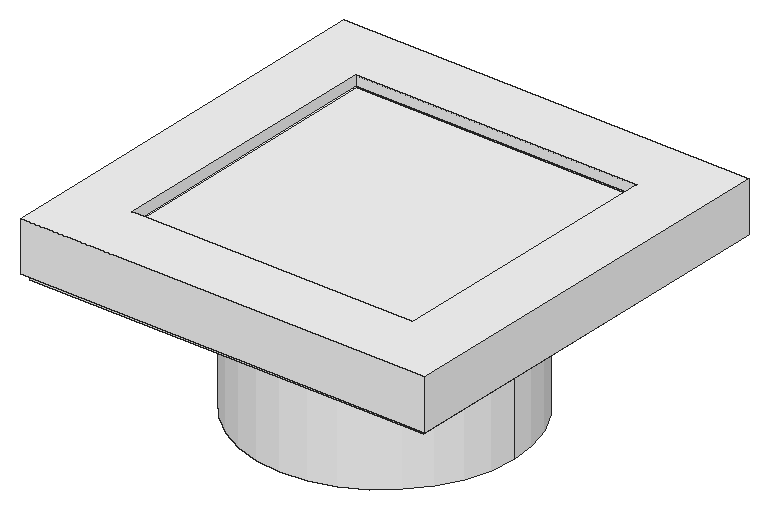
Revit family "Gira_013627", category Electrical Fixtures, host Face, Revit 2017
Family settings
  Host = Face
  Maintain Annotation Orientation = Yes
  Round Connector Dimension = Use Diameter
  Part Type = Normal
  Cut with Voids When Loaded = No
  Shared = No
  Room Calculation Point = No
Parameters (values of type "Tast-Kontroll AusWe System 55 Reinweiß m")
  Zusammenstellung = "Basiselement mit zentraler Abdeckplatte"
  White [instance] = White
  Werkstoffgüte = "sonstige"
  Werkstoff = "sonstige"
  Waschmaschinenschalter = "No"
  URL = "http://katalog.gira.de/de_DE/datenblatt.html?artikelnr=013627"
  Textfeld/Beschriftungsfläche = "nein"
  Tastschalter = "Yes"
  Schaltungsart = "Wechselschalter"
  Rückmeldekontakt = "No"
  Region = "DE"
  RAL-Nummer (ähnlich) = "9010 "
  Oberfläche = "sonstige"
  Nennspannung = "250 Volt"
  Name = "Tast-Kontroll AusWe System 55 Reinweiß m"
  Montageart = "unter Putz"
  Model = "Sys55_Komplettgerät_Schalten und Tasten"
  Mit Montageplatte = "No"
  Manufacturer URL = "https://www.gira.de/"
  HeinzeBIM = "https://bimportal.heinze.de/bim/tast-kontroll-auswe-system-55-reinweiss-m/93fe83543affab48b917b7a3ae15be2c584b433a"
  Halogenfrei = "Yes"
  HAN = "013627"
  Geeignet für Schutzart (IP) = "IP20"
  GTIN = "4010337136279"
  Farbe = "weiß"
  Default Elevation = 1219.2 mm
  Data sheet (1) = "https://katalog.gira.de/de_DE/download.html?artikelnr=013627"
  Category = "Installationsschalter"
  Bemessungsstrom = "10 Ampere"
  Beleuchtungsfunktion = "beleuchtet wenn eingeschaltet"
  Beleuchtungsart = "Glimmlampe"
  Beleuchtung = "ja"
  Befestigungsart = "Krallen-/Schraubbefestigung"
  Bedienungsart = "Wippe/Taste"
  Available = "Yes"
  Ausführung der Oberfläche = "matt"
  Anzahl der Module (bei Modulbauweise) = "1 "
  Anzahl der Betätigungswippen = "1 "
  Anschlussart = "Steckklemme"
Reference planes
  plane 1 "Center (Front/Back)": y = 0
  plane 2: z = 0
  plane 3 "Center (Left/Right)": x = 0
Forms (mm)
  Extrusion 1, solid, material "White" <- "White", detail levels medium
    sketch origin (0, 0, 0) x (1, 0, 0) y (0, 1, 0)
      loop
        line (-40.4, 40.4) -> (-40.4, -40.4) -> (40.4, -40.4) -> (40.4, 40.4) -> (-40.4, 40.4)
      loop
        line (-28, 28) -> (-28, -28) -> (28, -28) -> (28, 28) -> (-28, 28)
    from 0 to 10
  Extrusion 2, solid, material "White" <- "White", detail levels fine
    sketch origin (0, 0, 0) x (1, 0, 0) y (0, 1, 0)
      loop
        line (-40.4, 40.4) -> (-40.4, -40.4) -> (40.4, -40.4) -> (40.4, 40.4) -> (-40.4, 40.4)
      loop
        line (-28, 28) -> (-28, -28) -> (28, -28) -> (28, 28) -> (-28, 28)
    from 0 to 10
  Extrusion 3, void
    sketch origin (0, 0, 0) x (1, 0, 0) y (0, 1, 0)
      loop
        line (-38.4, 38.4) -> (-38.4, -38.4) -> (38.4, -38.4) -> (38.4, 38.4) -> (-38.4, 38.4)
    from 0 to 8
  Extrusion 4, solid, material "White" <- "White", detail levels medium+fine
    sketch origin (0, 0, 0) x (1, 0, 0) y (0, 1, 0)
      loop
        line (-39.4, 39.4) -> (-39.4, -39.4) -> (39.4, -39.4) -> (39.4, 39.4) -> (-39.4, 39.4)
    from 0 to -1
  Extrusion 5, solid, material "White" <- "White", detail levels medium+fine
    sketch origin (0, 0, 0) x (1, 0, 0) y (0, 1, 0)
      loop
        line (-35.5, 35.5) -> (-35.5, -35.5) -> (35.5, -35.5) -> (35.5, 35.5) -> (-35.5, 35.5)
    from -2 to -3
  Extrusion 6, solid, material "White" <- "White", detail levels medium+fine
    sketch origin (0, 0, 0) x (1, 0, 0) y (0, 1, 0)
      loop
        circle (0, 0) r 26
    from 0 to -27.5
  Extrusion 7, solid, material "White" <- "White", detail levels coarse
    sketch origin (0, 0, 0) x (1, 0, 0) y (0, 1, 0)
      loop
        line (-40.4, 40.4) -> (-40.4, -40.4) -> (40.4, -40.4) -> (40.4, 40.4) -> (-40.4, 40.4)
    from -27.5 to 10
Cuts and joins
  Extrusion 3 cuts Extrusion 2
Dimensions and locks
  aligned and locked: plane 2 to host face
  aligned and locked: level to host face
  aligned and locked: plane 3 "Center (Left/Right)" to nested 2
  aligned and locked: plane 1 "Center (Front/Back)" to nested 2
Nested families
  nested 1: "Sys55_Abdeckung_Schalten und Tasten_floor_base" at (0, 0, 0), type "Sys55_Abdeckung_Schalten und Tasten_floor_base"
  nested 2: "Schalter" at (0, 0, 0), type "Schalter"
Connectors
  electrical at (0, 0, -27.5)
    settings: on Extrusion 6, index 1, voltage 220 V, apparent load 0 VA, apparent load phase1 0 VA, apparent load phase2 0 VA, apparent load phase3 0 VA, power factor 1, load classification "Other", number of poles 1, system type 30, power factor state 1, is connector primary yes, connector utility no, sub classification motor no, connector description ""
Definition of nested family "Sys55_Abdeckung_Schalten und Tasten_floor_base"
  Parameters
    Default Elevation = 1219.2 mm
    White [instance] = none
  Reference planes
    plane 1 "Center (Front/Back)": y = 0
    plane 2: z = 0
    plane 3 "Center (Left/Right)": x = 0
  Forms (mm)
    Extrusion 1, solid
      sketch origin (0, 0, 0) x (1, 0, 0) y (0, 1, 0)
        loop
          line (-1219.2, 1219.2) -> (-1219.2, -1219.2) -> (1219.2, -1219.2) -> (1219.2, 1219.2) -> (-1219.2, 1219.2)
      from 0 to -304.8
    Extrusion 2, solid, material <- "White", detail levels fine
      sketch origin (0, 0, 0) x (1, 0, 0) y (0, 1, 0)
        loop
          line (-27.5, 27.5) -> (-27.5, -27.5) -> (27.5, -27.5) -> (27.5, 27.5) -> (-27.5, 27.5)
      from 0 to 8
    Extrusion 3, void
      sketch origin (0, 0, 0) x (1, 0, 0) y (0, 1, 0)
        loop
          line (26, 26) -> (-26, 26) -> (-26, -26) -> (26, -26) -> (26, 26)
      from 0 to 6
    Extrusion 4, solid, material <- "White", detail levels medium
      sketch origin (0, 0, 0) x (1, 0, 0) y (0, 1, 0)
        loop
          line (-27.5, 27.5) -> (-27.5, -27.5) -> (27.5, -27.5) -> (27.5, 27.5) -> (-27.5, 27.5)
      from 0 to 8
    Extrusion 5, solid, material <- "White", detail levels medium
      sketch origin (0, 0, 0) x (1, 0, 0) y (0, 1, 0)
        loop
          line (11, -17.5) -> (11, 17.5) -> (-11, 17.5) -> (-11, -17.5) -> (11, -17.5)
      from -6 to 6
    Extrusion 6, solid, material <- "White", detail levels fine
      sketch origin (0, 0, 0) x (1, 0, 0) y (0, 1, 0)
        loop
          line (11, 17.5) -> (-11, 17.5) -> (-11, 16.5) -> (11, 16.5) -> (11, 17.5)
        loop
          line (-11, -16.5) -> (-11, -17.5) -> (11, -17.5) -> (11, -16.5) -> (-11, -16.5)
      from -4 to 6
    Extrusion 7, solid, material <- "White", detail levels fine
      sketch origin (0, 0, 0) x (1, 0, 0) y (0, 1, 0)
        loop
          arc (5, 9.347) -> (0, 10.6) -> (-5, 9.347) r 10.6
          line (-5, 9.347) -> (-5, -9.347)
          arc (-5, -9.347) -> (0, -10.6) -> (5, -9.347) r 10.6
          line (5, -9.347) -> (5, 9.347)
      from -6 to 6
    Extrusion 8, solid, material <- "White", detail levels coarse
      sketch origin (0, 0, 0) x (1, 0, 0) y (0, 1, 0)
        loop
          line (-27.5, 27.5) -> (-27.5, -27.5) -> (27.5, -27.5) -> (27.5, 27.5) -> (-27.5, 27.5)
      from -6 to 8
  Cuts and joins
    Extrusion 3 cuts Extrusion 2
  Dimensions and locks
    aligned and locked: plane 2 to Extrusion 1
    aligned and locked: level to Extrusion 1
Definition of nested family "Schalter"
  Reference planes
    plane 1: y = 0
    plane 2: x = 0
  Lines and regions (mm)
    detail lines
      curve 1: circle (1.375, 2.778, 0) r 0.8 normal (0, 0, 1)
      curve 2: line (1.021, 2.061, 0) -> (0, 0, 0)
      curve 3: line (0, 0, 0) -> (-0.538, 0.266, 0)
  Dimensions and locks
    curve 2 to curve 2 = 2.3 mm
    curve 3 to curve 2 = 0.6 mm
    radius of curve 1 = 0.8 mm
